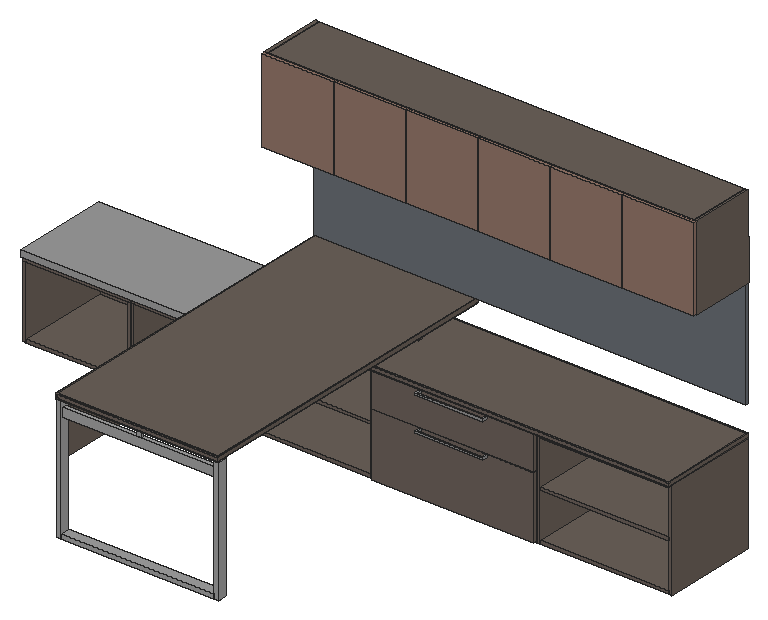
Revit family "T100312", category Furniture, Revit 2015 (continued)
Definition of nested family "STAKS LOW HEIGHT OPEN SHELF PEDESTAL - NO RISER SUPPORT"
  Dimensions and locks (in)
    aligned and locked: Extrusion 6 sketch curve to plane 17
    aligned and locked: Extrusion 6 sketch curve to plane 27
    aligned and locked: plane 16 to Extrusion 6 sketch curve
    aligned and locked: plane 19 to Extrusion 6 sketch curve
    aligned and locked: Extrusion 2 to plane 6
    aligned and locked: Extrusion 1 to plane 6
    aligned and locked: Extrusion 7 to plane 16
  Automatic sketch dimensions
    level to Extrusion 1 sketch curve = 0"
    Extrusion 1 sketch curve to plane 11 = 0"
    Extrusion 1 sketch curve to plane 3 = 0"
    Extrusion 1 sketch curve to plane 16 = 0"
    level to Extrusion 2 sketch curve = 0"
    Extrusion 2 sketch curve to plane 3 = 0"
    Extrusion 2 sketch curve to plane 17 = 0"
    plane 27 to Extrusion 2 sketch curve = 0"
    plane 12 to Extrusion 3 sketch curve = 0"
    Extrusion 3 sketch curve to plane 18 = 0"
    plane 17 to Extrusion 3 sketch curve = 0"
    Extrusion 4 sketch curve to plane 10 = 0"
    Extrusion 4 sketch curve to plane 16 = 0"
    Extrusion 4 sketch curve to plane 3 = 0"
    Extrusion 4 sketch curve to plane 19 = 0"
    level to Extrusion 5 sketch curve = 0"
    Extrusion 5 sketch curve to plane 16 = 0"
    Extrusion 5 sketch curve to plane 19 = 0"
    Extrusion 5 sketch curve to plane 28 = 0"
    Extrusion 7 sketch curve to plane 9 = 0"
    Extrusion 7 sketch curve to plane 19 = 0"
    Extrusion 7 sketch curve to plane 37 = 11 5/8"
    Extrusion 7 sketch curve to plane 5 = 0"
    Extrusion 6 sketch curve to plane 14 = 0"
    Extrusion 6 sketch curve to plane 16 = 0"
    Extrusion 6 sketch curve to plane 19 = 0"
    Extrusion 6 sketch curve to plane 15 = 0"
    plane 32 to Extrusion 6 sketch curve = 2 5/8"
    plane 34 to Extrusion 6 sketch curve = 2 5/8"
    Extrusion 6 sketch curve to plane 13 = 1"
    Extrusion 6 sketch curve to plane 12 = 1"
Definition of nested family "STAKS SINGLE BENCH HEIGHT PEDESTAL - NO RISER SUPPORT"
  Parameters (values of type "STAKS SINGLE BENCH HEIGHT PEDESTAL - NO RISER SUPPORT 24")
    URL = "http://www.ofs.com/"
    Top Thickness = 1"
    Riser Support = 0"
    Model = "6-N2422SSHC"
    Manufacturer = "OFS"
    Height = 17"
    Drawer Material = none
    Drawer Handle Width = 5 1/4"
    Drawer Handle Material = none
    Description = "OFS STAKS SINGLE BENCH HEIGHT PEDESTAL - NO RISER SUPPORT 24\"W x 22\" D, Single Pedestal, Use with 22\"D Worksurfaces"
    Width = 24"
    Depth = 21 7/8"
    DH2 = 6 1/2"
    DH1 = 10"
    Copyright © = "© 2018 OFS"
    Chasis Material = none
    Catalog = "https://ofs.com/products/casegoods/private-office/staks"
    Board Thickness = 3/4"
    Authoring Version = "Autodesk Revit Architecture 2013"
    Assembly Code = "E2020200"
  Types (3): name | Model | Description | Width
    STAKS SINGLE BENCH HEIGHT PEDESTAL - NO RISER SUPPORT 24 | "6-N2422SSHC" | "OFS STAKS SINGLE BENCH HEIGHT PEDESTAL - NO RISER SUPPORT 24\"W x 22\" D, Single Pedestal, Use with 22\"D Worksurfaces" | 24"
    STAKS SINGLE BENCH HEIGHT PEDESTAL - NO RISER SUPPORT 30 | "6-N3022SSHC" | "OFS STAKS SINGLE BENCH HEIGHT PEDESTAL - NO RISER SUPPORT 30\"W x 22\" D, Single Pedestal, Use with 22\"D Worksurfaces" | 30"
    STAKS SINGLE BENCH HEIGHT PEDESTAL - NO RISER SUPPORT 36 | "6-N3622SSHC" | "OFS STAKS SINGLE BENCH HEIGHT PEDESTAL - NO RISER SUPPORT 36\"W x 22\" D, Single Pedestal, Use with 22\"D Worksurfaces" | 36"
  Reference planes (in)
    plane 1: z = 0
    plane 2 "Right": x = 20.97711
    plane 3: z = 17
    plane 4: z = 10
    plane 5: z = 9.875
    plane 6: z = 0
    plane 7: z = 9.625
    plane 8: z = 16.75
    plane 9: z = 9.156
    plane 10: z = 16
    plane 11: x = 8.97711
    plane 12: y = -1.12465
    plane 13: y = -1.87465
    plane 14: x = 9.03961
    plane 15: x = 32.91411
    plane 16: x = 9.72711
    plane 17: y = 20.00035
    plane 18: x = 32.97711
    plane 19: x = 32.22711
    plane 20: y = -2.68715
    plane 21: y = -2.87465
    plane 22: z = 0.25
    plane 23: y = 19.25035
    plane 24: z = 0.75
    plane 25: y = 16.75035
    plane 26: y = 1.87535
    plane 27: y = 5.87535
    plane 28: y = 12.75035
    plane 29: y = 2.50035
    plane 30: y = 13.37535
    plane 31: x = 21.35211
    plane 32: x = 20.60211
    plane 33: x = 21.00836
    plane 34: x = 20.94586
    plane 35: x = 14.99274
    plane 36: x = 17.61774
    plane 37: x = 12.36774
    plane 38: x = 12.74274
    plane 39: x = 17.24274
    plane 40: x = 26.96124
    plane 41: x = 24.33624
    plane 42: x = 29.58624
    plane 43: x = 29.21124
    plane 44: x = 24.71124
  Forms (in)
    Extrusion 1, solid, material <- "Chasis Material"
      sketch origin (-3, -1.24965, 0) x (1, 0, 0) y (0, 0, 1)
        loop
          line (11.97711, 0) -> (12.72711, 0) -> (12.72711, 16) -> (11.97711, 16) -> (11.97711, 0)
      from -21.25 to -0.125
    Extrusion 2, solid, material <- "Chasis Material"
      sketch origin (19.35211, 31.02324, 0) x (0, 1, 0) y (0, 0, 1)
        loop
          line (-11.77289, 0) -> (-11.02289, 0) -> (-11.02289, 16) -> (-11.77289, 16) -> (-11.77289, 0)
      from -9.625 to 12.875
    Extrusion 3, solid, material <- "Chasis Material"
      sketch origin (0, 0, 0) x (1, 0, 0) y (0, 1, 0)
        loop
          line (32.97711, 20.00035) -> (32.22711, 20.00035) -> (32.22711, -1.12465) -> (32.97711, -1.12465) -> (32.97711, 20.00035)
      from 0 to 16
    Extrusion 4, solid, material <- "Chasis Material"
      sketch origin (-29.79592, -1.62465, 7.24693) x (1, 0, 0) y (0, 0, 1)
        loop
          line (38.77304, 8.75307) -> (62.77304, 8.75307) -> (62.77304, 9.75307) -> (38.77304, 9.75307) -> (38.77304, 8.75307)
      from -21.625 to -0.5
    Extrusion 5, solid, material <- "Chasis Material"
      sketch origin (-31.5409, -1.62465, -42.72261) x (1, 0, 0) y (0, 0, 1)
        loop
          line (41.26801, 42.72261) -> (63.76801, 42.72261) -> (63.76801, 43.47261) -> (41.26801, 43.47261) -> (41.26801, 42.72261)
      from -20.875 to -0.5
  Dimensions and locks (in)
    "Board Thickness": plane 13 to plane 12
    locked: plane 11 to plane 14 at 0.0625
    "Board Thickness": plane 11 to plane 16
    locked: plane 15 to plane 18 at 0.063
    "Width": plane 11 to plane 18
    Extrusion 3 sketch curve to plane 18 = 3/4"
    "Board Thickness": plane 19 to plane 18
    equal spacing: plane 11, plane 2 "Right", plane 18
    plane 21 to plane 20 to plane 13 = 3/16" locked, 13/16" locked
    "Riser Support": plane 6 to level
    "Height": plane 3 to plane 6
    "DH1": plane 4 to plane 6
    locked: plane 22 to plane 6 at 0.25
    "Board Thickness": plane 23 to plane 17
    "Depth": plane 13 to plane 17
    plane 4 to plane 5 to plane 7 to plane 9 = 1/8" locked, 1/4" locked, 0.469" locked
    "Board Thickness": plane 24 to plane 6
    plane 12 to plane 26 to plane 27 = 3" locked, 4" locked
    plane 28 to plane 25 to plane 23 = 4" locked, 2 1/2" locked
    locked: plane 26 to plane 29 at 0.625
    locked: plane 28 to plane 30 at 0.625
    equal spacing: plane 32, plane 2 "Right", plane 31
    "Board Thickness": plane 32 to plane 31
    equal spacing: plane 34, plane 2 "Right", plane 33
    equal spacing: plane 14, plane 35, plane 34
    equal spacing: plane 37, plane 35, plane 36
    "Drawer Handle Width": plane 37 to plane 36
    locked: plane 37 to plane 38 at 0.375
    locked: plane 39 to plane 36 at 0.375
    equal spacing: plane 15, plane 40, plane 33
    equal spacing: plane 42, plane 40, plane 41
    "Drawer Handle Width": plane 42 to plane 41
    locked: plane 42 to plane 43 at 0.375
    locked: plane 44 to plane 41 at 0.375
    "Top Thickness": plane 3 to plane 10
    aligned and locked: level to plane 1
    aligned and locked: plane 12 to Extrusion 1
    aligned and locked: Extrusion 1 to plane 17
    aligned and locked: Extrusion 2 to plane 16
    aligned and locked: plane 16 to Extrusion 1
    aligned and locked: Extrusion 1 to plane 11
    aligned and locked: Extrusion 2 to plane 17
    aligned and locked: plane 19 to Extrusion 2
    aligned and locked: Extrusion 3 to plane 19
    aligned and locked: Extrusion 3 to plane 6
    aligned and locked: plane 3 to Extrusion 4
    aligned and locked: Extrusion 4 to plane 10
    aligned and locked: plane 24 to Extrusion 5
    aligned and locked: Extrusion 5 to plane 6
    aligned and locked: Extrusion 5 to plane 23
    aligned and locked: plane 12 to Extrusion 5
    aligned and locked: plane 19 to Extrusion 5
    aligned and locked: Extrusion 5 to plane 16
    aligned and locked: plane 12 to Extrusion 4
    aligned and locked: Extrusion 2 to plane 6
    aligned and locked: Extrusion 1 to plane 6
    aligned and locked: plane 10 to Extrusion 1
    aligned and locked: plane 10 to Extrusion 2
    aligned and locked: plane 10 to Extrusion 3
    aligned and locked: Extrusion 4 to plane 11
    aligned and locked: plane 18 to Extrusion 4
    aligned and locked: Extrusion 4 to plane 17
  Automatic sketch dimensions
    level to Extrusion 1 sketch curve = 0"
    Extrusion 1 sketch curve to plane 11 = 0"
    Extrusion 1 sketch curve to plane 3 = 1"
    Extrusion 1 sketch curve to plane 16 = 0"
    level to Extrusion 2 sketch curve = 0"
    Extrusion 2 sketch curve to plane 3 = 1"
    Extrusion 2 sketch curve to plane 17 = 0"
    plane 23 to Extrusion 2 sketch curve = 0"
    plane 12 to Extrusion 3 sketch curve = 0"
    Extrusion 3 sketch curve to plane 18 = 0"
    plane 17 to Extrusion 3 sketch curve = 0"
    Extrusion 4 sketch curve to plane 10 = 0"
    Extrusion 4 sketch curve to plane 16 = 3/4"
    Extrusion 4 sketch curve to plane 3 = 0"
    plane 19 to Extrusion 4 sketch curve = 3/4"
    level to Extrusion 5 sketch curve = 0"
    Extrusion 5 sketch curve to plane 16 = 0"
    Extrusion 5 sketch curve to plane 19 = 0"
    Extrusion 5 sketch curve to plane 24 = 0"
Definition of nested family "STAKS RECTANGULAR WORKSURFACES Long Grain"
  Parameters (values of type "STAKS RECTANGULAR WORKSURFACE 15.625 x 22")
    URL = "http://www.ofs.com/"
    Height Above Floor [instance] = 29"
    Height = 1 1/8"
    Depth = 22"
    Model = "6-MCT-15.625/22"
    Manufacturer = "OFS"
    Description = "OFS STAKS 15.625 X 22 RECTANGULAR WORKSURFACE For Worksurface or Low Height Applications, Long Grain"
    Width = 15 5/8"
    Copyright © = "© 2018 OFS"
    Catalog = "https://ofs.com/products/casegoods/private-office/staks"
    Authoring Version = "Autodesk Revit Architecture 2013"
    Assembly Code = "E2020200"
  Types (26): name | Model | Description | Width
    STAKS RECTANGULAR WORKSURFACE 15.625 x 22 | "6-MCT-15.625/22" | "OFS STAKS 15.625 X 22 RECTANGULAR WORKSURFACE For Worksurface or Low Height Applications, Long Grain" | 15 5/8"
    STAKS RECTANGULAR WORKSURFACE 24 x 22 | "6-MCT-24/22" | "OFS STAKS 24 X 22 RECTANGULAR WORKSURFACE For Worksurface or Low Height Applications, Long Grain" | 24"
    STAKS RECTANGULAR WORKSURFACE 30 x 22 | "6-MCT-30/22" | "OFS STAKS 30 X 22 RECTANGULAR WORKSURFACE For Worksurface or Low Height Applications, Long Grain" | 30"
    STAKS RECTANGULAR WORKSURFACE 34 x 22 | "6-MCT-34/22" | "OFS STAKS 34 X 22 RECTANGULAR WORKSURFACE For Worksurface or Low Height Applications, Long Grain" | 34"
    STAKS RECTANGULAR WORKSURFACE 36 x 22 | "6-MCT-36/22" | "OFS STAKS 36 X 22 RECTANGULAR WORKSURFACE For Worksurface or Low Height Applications, Long Grain" | 36"
    STAKS RECTANGULAR WORKSURFACE 42 x 22 | "6-MCT-42/22" | "OFS STAKS 42 X 22 RECTANGULAR WORKSURFACE For Worksurface or Low Height Applications, Long Grain" | 42"
    STAKS RECTANGULAR WORKSURFACE 46 x 22 | "6-MCT-46/22" | "OFS STAKS 46 X 22 RECTANGULAR WORKSURFACE For Worksurface or Low Height Applications, Long Grain" | 46"
    STAKS RECTANGULAR WORKSURFACE 48 x 22 | "6-MCT-48/22" | "OFS STAKS 48 X 22 RECTANGULAR WORKSURFACE For Worksurface or Low Height Applications, Long Grain" | 48"
    STAKS RECTANGULAR WORKSURFACE 48.5 x 22 | "6-MCT-48.5/22" | "OFS STAKS 48.5 X 22 RECTANGULAR WORKSURFACE For Worksurface or Low Height Applications, Long Grain" | 48 1/2"
    STAKS RECTANGULAR WORKSURFACE 54 x 22 | "6-MCT-54/22" | "OFS STAKS 54 X 22 RECTANGULAR WORKSURFACE For Worksurface or Low Height Applications, Long Grain" | 54"
    STAKS RECTANGULAR WORKSURFACE 55.5 x 22 | "6-MCT-55.5/22" | "OFS STAKS 55.5 X 22 RECTANGULAR WORKSURFACE For Worksurface or Low Height Applications, Long Grain" | 55 1/2"
    STAKS RECTANGULAR WORKSURFACE 59 x 22 | "6-MCT-59/22" | "OFS STAKS 59 X 22 RECTANGULAR WORKSURFACE For Worksurface or Low Height Applications, Long Grain" | 59"
    STAKS RECTANGULAR WORKSURFACE 60 x 22 | "6-MCT-60/22" | "OFS STAKS 60 X 22 RECTANGULAR WORKSURFACE For Worksurface or Low Height Applications, Long Grain" | 60"
    STAKS RECTANGULAR WORKSURFACE 64 x 22 | "6-MCT-64/22" | "OFS STAKS 64 X 22 RECTANGULAR WORKSURFACE For Worksurface or Low Height Applications, Long Grain" | 64"
    STAKS RECTANGULAR WORKSURFACE 66 x 22 | "6-MCT-66/22" | "OFS STAKS 66 X 22 RECTANGULAR WORKSURFACE For Worksurface or Low Height Applications, Long Grain" | 66"
    STAKS RECTANGULAR WORKSURFACE 69.625 x 22 | "6-MCT-69.625/22" | "OFS STAKS 69.625 X 22 RECTANGULAR WORKSURFACE For Worksurface or Low Height Applications, Long Grain" | 69 5/8"
    STAKS RECTANGULAR WORKSURFACE 70.5 x 22 | "6-MCT-70.5/22" | "OFS STAKS 70.5 X 22 RECTANGULAR WORKSURFACE For Worksurface or Low Height Applications, Long Grain" | 70 1/2"
    STAKS RECTANGULAR WORKSURFACE 72 x 22 | "6-MCT-72/22" | "OFS STAKS 72 X 22 RECTANGULAR WORKSURFACE For Worksurface or Low Height Applications, Long Grain" | 72"
    STAKS RECTANGULAR WORKSURFACE 74 x 22 | "6-MCT-74/22" | "OFS STAKS 74 X 22 RECTANGULAR WORKSURFACE For Worksurface or Low Height Applications, Long Grain" | 74"
    STAKS RECTANGULAR WORKSURFACE 78 x 22 | "6-MCT-78/22" | "OFS STAKS 78 X 22 RECTANGULAR WORKSURFACE For Worksurface or Low Height Applications, Long Grain" | 78"
    STAKS RECTANGULAR WORKSURFACE 82.5 x 22 | "6-MCT-82.5/22" | "OFS STAKS 82.5 X 22 RECTANGULAR WORKSURFACE For Worksurface or Low Height Applications, Long Grain" | 82 1/2"
    STAKS RECTANGULAR WORKSURFACE 84 x 22 | "6-MCT-84/22" | "OFS STAKS 84 X 22 RECTANGULAR WORKSURFACE For Worksurface or Low Height Applications, Long Grain" | 84"
    STAKS RECTANGULAR WORKSURFACE 87.625 x 22 | "6-MCT-87.625/22" | "OFS STAKS 87.625 X 22 RECTANGULAR WORKSURFACE For Worksurface or Low Height Applications, Long Grain" | 87 5/8"
    STAKS RECTANGULAR WORKSURFACE 90 x 22 | "6-MCT-90/22" | "OFS STAKS 90 X 22 RECTANGULAR WORKSURFACE For Worksurface or Low Height Applications, Long Grain" | 90"
    STAKS RECTANGULAR WORKSURFACE 94 x 22 | "6-MCT-94/22" | "OFS STAKS 94 X 22 RECTANGULAR WORKSURFACE For Worksurface or Low Height Applications, Long Grain" | 94"
    STAKS RECTANGULAR WORKSURFACE 96 x 22 | "6-MCT-96/22" | "OFS STAKS 96 X 22 RECTANGULAR WORKSURFACE For Worksurface or Low Height Applications, Long Grain" | 96"
  Reference planes (in)
    plane 1: z = -0.125
    plane 2 "LEFT": x = 7.55498
    plane 3 "RIGHT": x = 23.17998
    plane 4 "BACK": y = -1.83365
    plane 5 "FRONT": y = -23.83365
    plane 6: x = 7.67998
    plane 7: x = 23.05498
    plane 8: y = -1.95865
    plane 9: y = -23.70865
    plane 10: z = 27.75
    plane 11 "SURFACE TOP": z = 28.875
  Forms (in)
    Extrusion 1, solid
      sketch origin (0, 0, 17.125) x (-1, 0, 0) y (0, -1, 0)
        loop
          line (-7.67998, 1.95865) -> (-7.67998, 23.70865) -> (-23.05498, 23.70865) -> (-23.05498, 1.95865) -> (-7.67998, 1.95865)
      from 11.75 to 10.625
    Sweep 2, solid
      path origin (0, 0, 28.875) x (0, 1, 0) y (-1, 0, 0)
        loop
          line (-23.83365, -7.55498) -> (-23.83365, -23.17998) -> (-1.83365, -23.17998) -> (-1.83365, -7.55498) -> (-23.83365, -7.55498)
      profile origin (15.36748, -23.83365, 28.875) x (0, 1, 0) y (0, 0, 1)
        loop
          arc (0.125, 0) -> (0.03661, -0.03661) -> (0, -0.125) r 0.125
          line (0, -0.125) -> (0, -1)
          arc (0, -1) -> (0.03661, -1.08839) -> (0.125, -1.125) r 0.125
          line (0.125, -1.125) -> (0.125, 0)
  Lines and regions (in)
    Masking region 1
      outline origin (0, 0, 16.625) x (-1, 0, 0) y (0, -1, 0)
        loop
          line (-7.67998, 1.95865) -> (-7.55498, 1.83365) -> (-7.55498, 23.83365) -> (-7.67998, 23.70865) -> (-7.67998, 1.95865)
    Masking region 2
      outline origin (0, 0, 16.625) x (-1, 0, 0) y (0, -1, 0)
        loop
          line (-7.55498, 1.83365) -> (-7.67998, 1.95865) -> (-23.05498, 1.95865) -> (-23.17998, 1.83365) -> (-7.55498, 1.83365)
    Masking region 3
      outline origin (0, 0, 16.625) x (-1, 0, 0) y (0, -1, 0)
        loop
          line (-23.17998, 1.83365) -> (-23.05498, 1.95865) -> (-23.05498, 23.70865) -> (-23.17998, 23.83365) -> (-23.17998, 1.83365)
    Masking region 4
      outline origin (0, 0, 16.625) x (-1, 0, 0) y (0, -1, 0)
        loop
          line (-23.17998, 23.83365) -> (-23.05498, 23.70865) -> (-7.67998, 23.70865) -> (-7.55498, 23.83365) -> (-23.17998, 23.83365)
    Masking region 5
      outline origin (0, 0, 16.625) x (-1, 0, 0) y (0, -1, 0)
        loop
          line (-23.05498, 23.70865) -> (-23.05498, 1.95865) -> (-7.67998, 1.95865) -> (-7.67998, 23.70865) -> (-23.05498, 23.70865)
  Dimensions and locks (in)
    "Depth": plane 4 "BACK" to plane 5 "FRONT"
    "Width": plane 2 "LEFT" to plane 3 "RIGHT"
    "Height": plane 11 "SURFACE TOP" to plane 10
    locked: plane 4 "BACK" to plane 8 at 0.125
    locked: plane 2 "LEFT" to plane 6 at 0.125
    locked: plane 7 to plane 3 "RIGHT" at 0.125
    locked: plane 9 to plane 5 "FRONT" at 0.125
    "Height Above Floor": plane 11 "SURFACE TOP" to level
    aligned: level to plane 1
    aligned and locked: plane 8 to Extrusion 1 sketch curve
    aligned and locked: Extrusion 1 sketch curve to plane 6
    aligned and locked: Extrusion 1 sketch curve to plane 9
    aligned and locked: plane 7 to Extrusion 1 sketch curve
    aligned and locked: plane 11 "SURFACE TOP" to Extrusion 1
    aligned and locked: Extrusion 1 to plane 10
    aligned and locked: Sweep 2 sketch curve to plane 5 "FRONT"
    aligned and locked: Sweep 2 sketch curve to plane 2 "LEFT"
    aligned and locked: plane 4 "BACK" to Sweep 2 sketch curve
    aligned and locked: plane 3 "RIGHT" to Sweep 2 sketch curve
  Automatic sketch dimensions
    Masking region 1 sketch curve to plane 6 = 0"
    Masking region 1 sketch curve to plane 2 "LEFT" = 0"
    Masking region 1 sketch curve to plane 4 "BACK" = 0"
    Masking region 1 sketch curve to plane 8 = 0"
    Masking region 1 sketch curve to plane 9 = 0"
    Masking region 1 sketch curve to plane 5 "FRONT" = 0"
    Masking region 2 sketch curve to plane 3 "RIGHT" = 0"
    Masking region 2 sketch curve to plane 7 = 0"
    Masking region 2 sketch curve to plane 6 = 0"
    Masking region 2 sketch curve to plane 2 "LEFT" = 0"
    Masking region 2 sketch curve to plane 4 "BACK" = 0"
    Masking region 2 sketch curve to plane 8 = 0"
    Masking region 3 sketch curve to plane 3 "RIGHT" = 0"
    Masking region 3 sketch curve to plane 7 = 0"
    Masking region 3 sketch curve to plane 4 "BACK" = 0"
    Masking region 3 sketch curve to plane 8 = 0"
    Masking region 3 sketch curve to plane 9 = 0"
    Masking region 3 sketch curve to plane 5 "FRONT" = 0"
    Masking region 4 sketch curve to plane 3 "RIGHT" = 0"
    Masking region 4 sketch curve to plane 7 = 0"
    Masking region 4 sketch curve to plane 6 = 0"
    Masking region 4 sketch curve to plane 2 "LEFT" = 0"
    Masking region 4 sketch curve to plane 9 = 0"
    Masking region 4 sketch curve to plane 5 "FRONT" = 0"
    Masking region 5 sketch curve to plane 7 = 0"
    Masking region 5 sketch curve to plane 6 = 0"
    Masking region 5 sketch curve to plane 8 = 0"
    Masking region 5 sketch curve to plane 9 = 0"
    Sweep 2 sketch curve to profile plane = 0"
    Sweep 2 sketch curve to plane 11 "SURFACE TOP" = 0"
    Sweep 2 sketch curve to profile plane = 1/8"
    Sweep 2 sketch curve to Sweep 2 sketch curve = 7/8"
Definition of nested family "STAKS BENCHING RECTANGULAR WORKSURFACES"
  Parameters (values of type "STAKS BENCHING RECTANGULAR WORKSURFACE 48 X 22")
    URL = "https://www.ofs.com/"
    SURFACE DEPTH = 22"
    Model = "6-MCT-48/22"
    Manufacturer = "OFS"
    Description = "OFS STAKS BENCHING 48 X 22 RECTANGULAR WORKSURFACE"
    SURFACE WIDTH = 48"
    Copyright © = "© 2018 OFS"
    Catalog = "https://ofs.com/products/open-plan/benching/staks"
    Authoring Version = "Autodesk Revit Architecture 2013"
    Assembly Code = "E2020200"
  Types (21): name | SURFACE DEPTH | Model | Description | SURFACE WIDTH
    STAKS BENCHING RECTANGULAR WORKSURFACE 48 X 22 | 22" | "6-MCT-48/22" | "OFS STAKS BENCHING 48 X 22 RECTANGULAR WORKSURFACE" | 48"
    STAKS BENCHING RECTANGULAR WORKSURFACE 60 X 22 | 22" | "6-MCT-60/22" | "OFS STAKS BENCHING 60 X 22 RECTANGULAR WORKSURFACE" | 60"
    STAKS BENCHING RECTANGULAR WORKSURFACE 72 X 22 | 22" | "6-MCT-72/22" | "OFS STAKS BENCHING 72 X 22 RECTANGULAR WORKSURFACE" | 72"
    STAKS BENCHING RECTANGULAR WORKSURFACE 60 X 36 | 36" | "6-MCT-60/36" | "OFS STAKS BENCHING 60 X 36 RECTANGULAR WORKSURFACE" | 60"
    STAKS BENCHING RECTANGULAR WORKSURFACE 72 X 36 | 36" | "6-MCT-72/36" | "OFS STAKS BENCHING 72 X 36 RECTANGULAR WORKSURFACE" | 72"
    STAKS BENCHING RECTANGULAR WORKSURFACE 60 X 30 | 30" | "6-MCT-60/30" | "OFS STAKS BENCHING 60 X 30 RECTANGULAR WORKSURFACE" | 60"
    STAKS BENCHING RECTANGULAR WORKSURFACE 72 X 30 | 30" | "6-MCT-72/30" | "OFS STAKS BENCHING 72 X 30 RECTANGULAR WORKSURFACE" | 72"
    STAKS BENCHING RECTANGULAR WORKSURFACE 48 X 30 | 30" | "6-MCT-48/30" | "OFS STAKS BENCHING 48 X 30 RECTANGULAR WORKSURFACE" | 48"
    STAKS BENCHING RECTANGULAR WORKSURFACE 48 X 36 | 36" | "6-MCT-48/36" | "OFS STAKS BENCHING 48 X 36 RECTANGULAR WORKSURFACE" | 48"
    STAKS BENCHING RECTANGULAR WORKSURFACE 54 X 22 | 22" | "6-MCT-54/22" | "OFS STAKS BENCHING 54 X 22 RECTANGULAR WORKSURFACE" | 54"
    STAKS BENCHING RECTANGULAR WORKSURFACE 66 X 22 | 22" | "6-MCT-66/22" | "OFS STAKS BENCHING 66 X 22 RECTANGULAR WORKSURFACE" | 66"
    STAKS BENCHING RECTANGULAR WORKSURFACE 78 X 22 | 22" | "6-MCT-78/22" | "OFS STAKS BENCHING 78 X 22 RECTANGULAR WORKSURFACE" | 78"
    STAKS BENCHING RECTANGULAR WORKSURFACE 84 X 22 | 22" | "6-MCT-84/22" | "OFS STAKS BENCHING 84 X 22 RECTANGULAR WORKSURFACE" | 84"
    STAKS BENCHING RECTANGULAR WORKSURFACE 54 X 30 | 30" | "6-MCT-54/30" | "OFS STAKS BENCHING 54 X 30 RECTANGULAR WORKSURFACE" | 54"
    STAKS BENCHING RECTANGULAR WORKSURFACE 66 X 30 | 30" | "6-MCT-66/30" | "OFS STAKS BENCHING 66 X 30 RECTANGULAR WORKSURFACE" | 66"
    STAKS BENCHING RECTANGULAR WORKSURFACE 78 X 30 | 30" | "6-MCT-78/30" | "OFS STAKS BENCHING 78 X 30 RECTANGULAR WORKSURFACE" | 78"
    STAKS BENCHING RECTANGULAR WORKSURFACE 84 X 30 | 30" | "6-MCT-84/30" | "OFS STAKS BENCHING 84 X 30 RECTANGULAR WORKSURFACE" | 84"
    STAKS BENCHING RECTANGULAR WORKSURFACE 54 X 36 | 36" | "6-MCT-54/36" | "OFS STAKS BENCHING 54 X 36 RECTANGULAR WORKSURFACE" | 54"
    STAKS BENCHING RECTANGULAR WORKSURFACE 66 X 36 | 36" | "6-MCT-66/36" | "OFS STAKS BENCHING 66 X 36 RECTANGULAR WORKSURFACE" | 66"
    STAKS BENCHING RECTANGULAR WORKSURFACE 78 X 36 | 36" | "6-MCT-78/36" | "OFS STAKS BENCHING 78 X 36 RECTANGULAR WORKSURFACE" | 78"
    STAKS BENCHING RECTANGULAR WORKSURFACE 84 X 36 | 36" | "6-MCT-84/36" | "OFS STAKS BENCHING 84 X 36 RECTANGULAR WORKSURFACE" | 78"
  Reference planes (in)
    plane 1: z = -0.125
    plane 2 "LEFT": x = 7.55498
    plane 3 "RIGHT": x = 55.55498
    plane 4 "BACK": y = -1.83365
    plane 5 "FRONT": y = -23.83365
    plane 6: x = 7.67998
    plane 7: x = 55.42998
    plane 8: y = -1.95865
    plane 9: y = -23.70865
    plane 10: z = 27.75
    plane 11 "SURFACE TOP": z = 28.875
  Forms (in)
    Extrusion 1, solid
      sketch origin (0, 0, 17.125) x (-1, 0, 0) y (0, -1, 0)
        loop
          line (-7.67998, 1.95865) -> (-7.67998, 23.70865) -> (-55.42998, 23.70865) -> (-55.42998, 1.95865) -> (-7.67998, 1.95865)
      from 11.75 to 10.625
    Sweep 2, solid
      path origin (0, 0, 28.875) x (0, 1, 0) y (-1, 0, 0)
        loop
          line (-23.83365, -7.55498) -> (-23.83365, -55.55498) -> (-1.83365, -55.55498) -> (-1.83365, -7.55498) -> (-23.83365, -7.55498)
      profile origin (31.55498, -23.83365, 28.875) x (0, 1, 0) y (0, 0, 1)
        loop
          arc (0.125, 0) -> (0.03661, -0.03661) -> (0, -0.125) r 0.125
          line (0, -0.125) -> (0, -1)
          arc (0, -1) -> (0.03661, -1.08839) -> (0.125, -1.125) r 0.125
          line (0.125, -1.125) -> (0.125, 0)
  Lines and regions (in)
    Masking region 1
      outline origin (0, 0, 16.625) x (-1, 0, 0) y (0, -1, 0)
        loop
          line (-7.67998, 1.95865) -> (-7.55498, 1.83365) -> (-7.55498, 23.83365) -> (-7.67998, 23.70865) -> (-7.67998, 1.95865)
    Masking region 2
      outline origin (0, 0, 16.625) x (-1, 0, 0) y (0, -1, 0)
        loop
          line (-7.55498, 1.83365) -> (-7.67998, 1.95865) -> (-55.42998, 1.95865) -> (-55.55498, 1.83365) -> (-7.55498, 1.83365)
    Masking region 3
      outline origin (0, 0, 16.625) x (-1, 0, 0) y (0, -1, 0)
        loop
          line (-55.55498, 1.83365) -> (-55.42998, 1.95865) -> (-55.42998, 23.70865) -> (-55.55498, 23.83365) -> (-55.55498, 1.83365)
    Masking region 4
      outline origin (0, 0, 16.625) x (-1, 0, 0) y (0, -1, 0)
        loop
          line (-55.55498, 23.83365) -> (-55.42998, 23.70865) -> (-7.67998, 23.70865) -> (-7.55498, 23.83365) -> (-55.55498, 23.83365)
    Masking region 5
      outline origin (0, 0, 16.625) x (-1, 0, 0) y (0, -1, 0)
        loop
          line (-55.42998, 23.70865) -> (-55.42998, 1.95865) -> (-7.67998, 1.95865) -> (-7.67998, 23.70865) -> (-55.42998, 23.70865)
  Dimensions and locks (in)
    "SURFACE DEPTH": plane 4 "BACK" to plane 5 "FRONT"
    "SURFACE WIDTH": plane 2 "LEFT" to plane 3 "RIGHT"
    locked: plane 11 "SURFACE TOP" to plane 10 at 1.125
    locked: plane 4 "BACK" to plane 8 at 0.125
    locked: plane 2 "LEFT" to plane 6 at 0.125
    locked: plane 7 to plane 3 "RIGHT" at 0.125
    locked: plane 9 to plane 5 "FRONT" at 0.125
    aligned: level to plane 1
    aligned and locked: plane 8 to Extrusion 1 sketch curve
    aligned and locked: Extrusion 1 sketch curve to plane 6
    aligned and locked: Extrusion 1 sketch curve to plane 9
    aligned and locked: plane 7 to Extrusion 1 sketch curve
    aligned and locked: plane 11 "SURFACE TOP" to Extrusion 1
    aligned and locked: Extrusion 1 to plane 10
    aligned and locked: Sweep 2 sketch curve to plane 5 "FRONT"
    aligned and locked: Sweep 2 sketch curve to plane 2 "LEFT"
    aligned and locked: plane 4 "BACK" to Sweep 2 sketch curve
    aligned and locked: plane 3 "RIGHT" to Sweep 2 sketch curve
  Automatic sketch dimensions
    Masking region 1 sketch curve to plane 6 = 0"
    Masking region 1 sketch curve to plane 2 "LEFT" = 0"
    Masking region 1 sketch curve to plane 4 "BACK" = 0"
    Masking region 1 sketch curve to plane 8 = 0"
    Masking region 1 sketch curve to plane 9 = 0"
    Masking region 1 sketch curve to plane 5 "FRONT" = 0"
    Masking region 2 sketch curve to plane 3 "RIGHT" = 0"
    Masking region 2 sketch curve to plane 7 = 0"
    Masking region 2 sketch curve to plane 6 = 0"
    Masking region 2 sketch curve to plane 2 "LEFT" = 0"
    Masking region 2 sketch curve to plane 4 "BACK" = 0"
    Masking region 2 sketch curve to plane 8 = 0"
    Masking region 3 sketch curve to plane 3 "RIGHT" = 0"
    Masking region 3 sketch curve to plane 7 = 0"
    Masking region 3 sketch curve to plane 4 "BACK" = 0"
    Masking region 3 sketch curve to plane 8 = 0"
    Masking region 3 sketch curve to plane 9 = 0"
    Masking region 3 sketch curve to plane 5 "FRONT" = 0"
    Masking region 4 sketch curve to plane 3 "RIGHT" = 0"
    Masking region 4 sketch curve to plane 7 = 0"
    Masking region 4 sketch curve to plane 6 = 0"
    Masking region 4 sketch curve to plane 2 "LEFT" = 0"
    Masking region 4 sketch curve to plane 9 = 0"
    Masking region 4 sketch curve to plane 5 "FRONT" = 0"
    Masking region 5 sketch curve to plane 7 = 0"
    Masking region 5 sketch curve to plane 6 = 0"
    Masking region 5 sketch curve to plane 8 = 0"
    Masking region 5 sketch curve to plane 9 = 0"
    Sweep 2 sketch curve to profile plane = 0"
    Sweep 2 sketch curve to plane 11 "SURFACE TOP" = 0"
    Sweep 2 sketch curve to profile plane = 1/8"
    Sweep 2 sketch curve to Sweep 2 sketch curve = 7/8"
Definition of nested family "STAKS WALLMOUNT ORGANIZER WITH DOORS Six Doors"
  Parameters (values of type "STAKS WALLMOUNT ORGANIZER WITH DOORS Six Doors 100in W")
    URL = "http://www.ofs.com/"
    Top Board Thickness = 1 1/16"
    Height Above Floor [instance] = 71 1/2"
    Height = 18 1/2"
    Front Doors Material = none
    Back Material = none
    Depth = 15"
    Model = "6-10019HDW6"
    Manufacturer = "OFS"
    Description = "OFS STAKS WALLMOUNT ORGANIZER WITH DOORS Six Hinged Doors 100\" Width, for use with U Units Comprised of 36\"W Desk, 42\"W Bridge and 22\"W Credenza or 30\"W Desk, 48\"W Bridge and 22\"W Credenza"
    Width = 100"
    Copyright © = "© 2018 OFS"
    Catalog = "https://ofs.com/products/casegoods/private-office/staks"
    Board Material = none
    Board Thickness = 3/4"
    Authoring Version = "Autodesk Revit Architecture 2013"
    Assembly Code = "E2020200"
    2D Symbol Lines [instance] = yes
  Types (5): name | Model | Description | Width
    STAKS WALLMOUNT ORGANIZER WITH DOORS Six Doors 90in W | "6-9019HDW6" | "OFS STAKS WALLMOUNT ORGANIZER WITH DOORS Six Hinged Doors 90\" Width, for use with 90\"W Modular Worksurface" | 90"
    STAKS WALLMOUNT ORGANIZER WITH DOORS Six Doors 94in W | "6-9419HDW6" | "OFS STAKS WALLMOUNT ORGANIZER WITH DOORS Six Hinged Doors 94\" Width, for use with U Units Comprised of 30\"W Desk, 42\"W Bridge and 22\"W Credenza" | 94"
    STAKS WALLMOUNT ORGANIZER WITH DOORS Six Doors 96in W | "6-9619HDW6" | "OFS STAKS WALLMOUNT ORGANIZER WITH DOORS Six Hinged Doors 96\" Width, for use with 96\"W Modular Worksurface" | 96"
    STAKS WALLMOUNT ORGANIZER WITH DOORS Six Doors 100in W | "6-10019HDW6" | "OFS STAKS WALLMOUNT ORGANIZER WITH DOORS Six Hinged Doors 100\" Width, for use with U Units Comprised of 36\"W Desk, 42\"W Bridge and 22\"W Credenza or 30\"W Desk, 48\"W Bridge and 22\"W Credenza" | 100"
    STAKS WALLMOUNT ORGANIZER WITH DOORS Six Doors 106in W | "6-10619HDW6" | "OFS STAKS WALLMOUNT ORGANIZER WITH DOORS Six Hinged Doors 106\" Width, for use with U Units Comprised of 36\"W Desk, 48\"W Bridge and 22\"W Credenza" | 106"
  Reference planes (in)
    plane 1: z = -0.125
    plane 2 "LEFT": x = -22.94502
    plane 3 "RIGHT": x = 77.05498
    plane 4 "BACK": y = -1.83365
    plane 5 "FRONT": y = -15.33365
    plane 6: x = -22.19502
    plane 7: x = 76.30498
    plane 8: z = 52.875
    plane 9 "SURFACE TOP": z = 71.375
    plane 10: x = 27.05498
    plane 11: z = 70.3125
    plane 12: y = -8.58365
    plane 13: y = -8.20865
    plane 14: y = -8.95865
    plane 15: x = 27.42998
    plane 16: x = 26.67998
    plane 17: y = -1.08365
    plane 18: y = -16.08365
    plane 19: x = 76.99248
    plane 20: x = -22.88252
    plane 21: x = 27.08623
    plane 22: x = 27.02373
    plane 23: z = 54.125
    plane 24: z = 54.875
    plane 25: y = -1.58365
    plane 26: y = -2.33365
    plane 27: y = -13.83365
    plane 28: y = -14.58365
    plane 29: x = -6.27835
    plane 30: x = -6.3096
    plane 31: x = -6.2471
    plane 32: x = 10.38831
    plane 33: x = 10.35706
    plane 34: x = 10.41956
    plane 35: x = 60.38831
    plane 36: x = 60.41956
    plane 37: x = 60.35706
    plane 38: x = 43.72165
    plane 39: x = 43.7529
    plane 40: x = 43.6904
  Forms (in)
    Extrusion 1, solid, material <- "Board Material"
      sketch origin (0, 0, 71.375) x (0, 1, 0) y (-1, 0, 0)
        loop
          line (-2.33365, 22.19502) -> (-15.33365, 22.19502) -> (-15.33365, -76.30498) -> (-2.33365, -76.30498) -> (-2.33365, 22.19502)
      from -16.5 to -17.25
    Extrusion 2, solid, material <- "Board Material"
      sketch origin (0, 0, 71.375) x (0, 1, 0) y (-1, 0, 0)
        loop
          line (-1.08365, 22.19502) -> (-1.08365, 22.94502) -> (-15.33365, 22.94502) -> (-15.33365, 22.19502) -> (-1.08365, 22.19502)
        loop
          line (-1.08365, -77.05498) -> (-1.08365, -76.30498) -> (-15.33365, -76.30498) -> (-15.33365, -77.05498) -> (-1.08365, -77.05498)
      from 0 to -18.5
    Extrusion 3, solid, material <- "Board Material"
      sketch origin (0, 0, 27.375) x (0, 1, 0) y (-1, 0, 0)
        loop
          line (-1.08365, 22.19502) -> (-15.33365, 22.19502) -> (-15.33365, -76.30498) -> (-1.08365, -76.30498) -> (-1.08365, 22.19502)
      from 44 to 42.9375
    Extrusion 4, solid, material <- "Back Material"
      sketch origin (30.99601, 21.63396, 71.375) x (0, 1, 0) y (-1, 0, 0)
        loop
          line (-23.21762, 53.19103) -> (-23.96762, 53.19103) -> (-23.96762, -45.30897) -> (-23.21762, -45.30897) -> (-23.21762, 53.19103)
      from -1.0625 to -18.5
    Extrusion 5, solid, material <- "Front Doors Material"
      sketch origin (15.4691, -10.89295, 71.375) x (0, 1, 0) y (-1, 0, 0)
        loop
          line (-4.4407, -11.61714) -> (-5.1907, -11.61714) -> (-5.1907, -28.2213) -> (-4.4407, -28.2213) -> (-4.4407, -11.61714)
      from 0 to -18.5
    Extrusion 6, solid, material <- "Front Doors Material"
      sketch origin (38.64087, -10.89295, 71.375) x (0, 1, 0) y (-1, 0, 0)
        loop
          line (-4.4407, 44.95047) -> (-4.4407, 61.52339) -> (-5.1907, 61.52339) -> (-5.1907, 44.95047) -> (-4.4407, 44.95047)
      from 0 to -18.5
    Extrusion 7, solid, material <- "Board Material"
      sketch origin (0, -9.75, 71.375) x (0, 1, 0) y (-1, 0, 0)
        loop
          line (-4.08365, 22.19502) -> (-4.83365, 22.19502) -> (-4.83365, -76.30498) -> (-4.08365, -76.30498) -> (-4.08365, 22.19502)
      from -17.25 to -18.5
    Extrusion 8, solid, material <- "Front Doors Material"
      sketch origin (38.64087, -10.89295, 71.375) x (0, 1, 0) y (-1, 0, 0)
        loop
          line (-4.4407, 11.61714) -> (-4.4407, 28.2213) -> (-5.1907, 28.2213) -> (-5.1907, 11.61714) -> (-4.4407, 11.61714)
      from 0 to -18.5
    Extrusion 9, solid, material <- "Front Doors Material"
      sketch origin (15.4691, -10.89295, 71.375) x (0, 1, 0) y (-1, 0, 0)
        loop
          line (-4.4407, -44.95047) -> (-5.1907, -44.95047) -> (-5.1907, -61.52339) -> (-4.4407, -61.52339) -> (-4.4407, -44.95047)
      from 0 to -18.5
    Extrusion 10, solid, material <- "Front Doors Material"
      sketch origin (2.4691, -10.89295, 71.375) x (0, 1, 0) y (-1, 0, 0)
        loop
          line (-4.4407, -41.2838) -> (-5.1907, -41.2838) -> (-5.1907, -57.88797) -> (-4.4407, -57.88797) -> (-4.4407, -41.2838)
      from 0 to -18.5
    Extrusion 11, solid, material <- "Front Doors Material"
      sketch origin (46.54237, -12.14442, 71.375) x (0, 1, 0) y (-1, 0, 0)
        loop
          line (-3.18923, 36.18531) -> (-3.18923, 52.78948) -> (-3.93923, 52.78948) -> (-3.93923, 36.18531) -> (-3.18923, 36.18531)
      from 0 to -18.5
  Lines and regions (in)
    symbolic lines
      curve 1: arc (-6.3096, -16.08365, 71.375) -> (-6.4279, -18.06025, 71.375) -> (-6.78109, -20.00863, 71.375) r 16.57292
      curve 2: line (-6.78109, -20.00863, 71.375) -> (-22.88252, -16.08365, 71.375)
      curve 3: arc (-6.2471, -16.08365, 71.375) -> (-6.12878, -17.99969, 71.375) -> (-5.77562, -19.88661, 71.375) r 15.57292
      curve 4: line (-5.77562, -19.88661, 71.375) -> (9.32581, -16.08365, 71.375)
      curve 5: arc (27.08623, -16.08365, 71.375) -> (27.20455, -17.99969, 71.375) -> (27.55772, -19.88661, 71.375) r 15.57292
      curve 6: line (27.55772, -19.88661, 71.375) -> (42.65915, -16.08365, 71.375)
      curve 7: arc (27.02373, -16.08365, 71.375) -> (26.90541, -17.99969, 71.375) -> (26.55225, -19.88661, 71.375) r 15.57292
      curve 8: line (26.55225, -19.88661, 71.375) -> (11.45081, -16.08365, 71.375)
      curve 9: arc (60.35706, -16.08365, 71.375) -> (60.23874, -17.99969, 71.375) -> (59.88558, -19.88661, 71.375) r 15.57292
      curve 10: line (59.88558, -19.88661, 71.375) -> (44.78415, -16.08365, 71.375)
      curve 11: arc (60.44804, -16.08365, 71.375) -> (60.55916, -17.99799, 71.375) -> (60.89105, -19.88661, 71.375) r 16.54444
      curve 12: line (60.89105, -19.88661, 71.375) -> (76.99248, -16.08365, 71.375)
  Dimensions and locks (in)
    "Width": plane 2 "LEFT" to plane 3 "RIGHT"
    "Height": plane 9 "SURFACE TOP" to plane 8
    "Board Thickness": plane 2 "LEFT" to plane 6
    "Board Thickness": plane 7 to plane 3 "RIGHT"
    "Height Above Floor": plane 9 "SURFACE TOP" to level
    "Top Board Thickness": plane 9 "SURFACE TOP" to plane 11
    equal spacing: plane 4 "BACK", plane 12, plane 5 "FRONT"
    equal spacing: plane 13, plane 12, plane 14
    "Board Thickness": plane 13 to plane 14
    equal spacing: plane 16, plane 10, plane 15
    "Board Thickness": plane 16 to plane 15
    "Depth": plane 17 to plane 18
    "Board Thickness": plane 17 to plane 4 "BACK"
    "Board Thickness": plane 5 "FRONT" to plane 18
    locked: plane 19 to plane 3 "RIGHT" at 0.0625
    locked: plane 2 "LEFT" to plane 20 at 0.0625
    plane 22 to plane 10 to plane 21 = 1/32" locked, 1/32" locked
    locked: plane 23 to plane 8 at 1.25
    "Board Thickness": plane 24 to plane 23
    locked: plane 17 to plane 25 at 0.5
    "Board Thickness": plane 25 to plane 26
    locked: plane 28 to plane 5 "FRONT" at 0.75
    "Board Thickness": plane 27 to plane 28
    plane 31 to plane 29 to plane 30 = 1/32" locked, 1/32" locked
    plane 34 to plane 32 to plane 33 = 1/32" locked, 1/32" locked
    plane 37 to plane 35 to plane 36 = 1/32" locked, 1/32" locked
    plane 40 to plane 38 to plane 39 = 1/32" locked, 1/32" locked
    equal spacing: plane 2 "LEFT", plane 10, plane 3 "RIGHT"
    equal spacing: plane 2 "LEFT", plane 29, plane 32, plane 10
    equal spacing: plane 10, plane 38, plane 35, plane 3 "RIGHT"
    aligned: level to plane 1
    aligned and locked: plane 6 to Extrusion 1 sketch curve
    aligned and locked: Extrusion 1 sketch curve to plane 5 "FRONT"
    aligned and locked: Extrusion 1 sketch curve to plane 7
    aligned and locked: Extrusion 2 sketch curve to plane 5 "FRONT"
    aligned and locked: Extrusion 2 sketch curve to plane 2 "LEFT"
    aligned and locked: plane 3 "RIGHT" to Extrusion 2 sketch curve
    aligned and locked: Extrusion 3 to plane 9 "SURFACE TOP"
    aligned and locked: Extrusion 3 to plane 11
    aligned and locked: Extrusion 3 to plane 5 "FRONT"
    aligned and locked: Extrusion 3 to plane 6
    aligned and locked: plane 7 to Extrusion 3
    aligned and locked: Extrusion 4 to plane 8
    aligned and locked: plane 9 "SURFACE TOP" to Extrusion 5
    aligned and locked: Extrusion 5 to plane 8
    aligned and locked: plane 5 "FRONT" to Extrusion 5
    aligned and locked: Extrusion 5 to plane 18
    aligned and locked: Extrusion 5 to plane 21
    aligned and locked: plane 5 "FRONT" to Extrusion 6
    aligned and locked: Extrusion 6 to plane 18
    aligned and locked: Extrusion 6 to plane 8
    aligned and locked: plane 17 to Extrusion 3
    aligned and locked: plane 17 to Extrusion 2
    aligned and locked: Extrusion 4 to plane 6
    aligned and locked: plane 7 to Extrusion 4
    aligned and locked: Extrusion 4 to plane 11
    aligned and locked: plane 25 to Extrusion 4
    aligned and locked: Extrusion 4 to plane 26
    aligned and locked: plane 26 to Extrusion 1
    aligned and locked: Extrusion 7 to plane 8
    aligned and locked: plane 23 to Extrusion 7
    aligned and locked: plane 28 to Extrusion 7
    aligned and locked: Extrusion 7 to plane 27
    aligned and locked: Extrusion 7 to plane 6
    aligned and locked: plane 7 to Extrusion 7
    aligned and locked: Extrusion 2 to plane 8
    aligned and locked: Extrusion 1 to plane 23
    aligned and locked: plane 24 to Extrusion 1
    aligned and locked: Extrusion 6 to plane 20
    aligned and locked: plane 19 to Extrusion 9
    aligned and locked: plane 18 to Extrusion 9
    aligned and locked: Extrusion 9 to plane 5 "FRONT"
    aligned and locked: Extrusion 8 to plane 22
    aligned and locked: Extrusion 8 to plane 18
    aligned and locked: plane 5 "FRONT" to Extrusion 8
    aligned and locked: Extrusion 8 to plane 8
    aligned and locked: plane 9 "SURFACE TOP" to Extrusion 8
    aligned and locked: Extrusion 9 to plane 9 "SURFACE TOP"
    aligned and locked: plane 8 to Extrusion 9
    aligned and locked: Extrusion 6 to plane 30
    aligned and locked: Extrusion 8 to plane 34
    aligned and locked: Extrusion 5 to plane 40
    aligned and locked: Extrusion 9 to plane 36
    aligned and locked: Extrusion 10 to plane 39
    aligned and locked: Extrusion 10 to plane 37
    aligned and locked: Extrusion 10 to plane 18
    aligned and locked: Extrusion 10 to plane 5 "FRONT"
    aligned and locked: plane 5 "FRONT" to Extrusion 11
    aligned and locked: Extrusion 11 to plane 18
    aligned and locked: Extrusion 11 to plane 33
    aligned and locked: Extrusion 11 to plane 31
    aligned and locked: Extrusion 10 to plane 8
    aligned and locked: Extrusion 10 to plane 9 "SURFACE TOP"
    aligned and locked: plane 9 "SURFACE TOP" to Extrusion 11
    aligned and locked: Extrusion 11 to plane 8
    aligned and locked: Extrusion 6 to curve 1
    aligned and locked: curve 2 to Extrusion 6
  Automatic sketch dimensions
    Extrusion 1 sketch curve to plane 26 = 0"
    plane 5 "FRONT" to Extrusion 2 sketch curve = 0"
    Extrusion 2 sketch curve to plane 7 = 0"
    plane 17 to Extrusion 2 sketch curve = 0"
    Extrusion 2 sketch curve to plane 6 = 0"
    Extrusion 2 sketch curve to plane 17 = 0"
    Extrusion 3 sketch curve to plane 5 "FRONT" = 0"
    Extrusion 3 sketch curve to plane 6 = 0"
    Extrusion 3 sketch curve to plane 17 = 0"
    Extrusion 3 sketch curve to plane 7 = 0"
    Extrusion 4 sketch curve to plane 6 = 0"
    Extrusion 4 sketch curve to plane 26 = 0"
    Extrusion 4 sketch curve to plane 25 = 0"
    Extrusion 4 sketch curve to plane 7 = 0"
    Extrusion 5 sketch curve to plane 18 = 0"
    Extrusion 5 sketch curve to plane 5 "FRONT" = 0"
    Extrusion 5 sketch curve to plane 40 = 0"
    Extrusion 5 sketch curve to plane 21 = 0"
    plane 36 to curve 12 = 0.47148"
    curve 12 to plane 18 = 3.80295"
    plane 37 to curve 10 = 0.47148"
    curve 5 to plane 18 = 0"
    curve 4 to plane 18 = 0"
    curve 7 to plane 18 = 0"
    curve 3 to plane 18 = 0"
    curve 8 to plane 18 = 0"
    curve 9 to plane 18 = 0"
    curve 10 to plane 18 = 0"
    plane 18 to curve 11 = 0"
    curve 6 to plane 18 = 0"
    plane 18 to curve 12 = 0"
    curve 11 to plane 19 = 0"
    curve 12 to plane 19 = 0"
    curve 9 to plane 37 = 0"
    curve 5 to plane 21 = 0"
    curve 7 to plane 22 = 0"
    curve 3 to plane 31 = 0"
    curve 1 to plane 30 = 0"
    curve 1 to plane 20 = 0"
    curve 2 to plane 20 = 0"
    curve 10 to curve 11 = 0"
    plane 31 to curve 4 = 0.47148"
    curve 4 to curve 3 = 3.80295"
    plane 30 to curve 2 = 0.47148"
    plane 16 to curve 8 = 0.12773"
    curve 8 to curve 7 = 3.80295"
    plane 15 to curve 6 = 0.12773"
    curve 7 to curve 6 = 0"
    curve 10 to curve 9 = 0"
    curve 6 to curve 5 = 0"
    curve 8 to curve 7 = 0"
    curve 4 to curve 3 = 0"
    Extrusion 6 sketch curve to plane 18 = 0"
    Extrusion 6 sketch curve to plane 5 "FRONT" = 0"
    Extrusion 6 sketch curve to plane 20 = 0"
    Extrusion 6 sketch curve to plane 30 = 0"
    Extrusion 7 sketch curve to plane 6 = 0"
    Extrusion 7 sketch curve to plane 28 = 0"
    Extrusion 7 sketch curve to plane 27 = 0"
    Extrusion 7 sketch curve to plane 7 = 0"
    Extrusion 8 sketch curve to plane 18 = 0"
    Extrusion 8 sketch curve to plane 5 "FRONT" = 0"
    Extrusion 8 sketch curve to plane 34 = 0"
    Extrusion 8 sketch curve to plane 22 = 0"
    plane 18 to Extrusion 9 sketch curve = 0"
    plane 5 "FRONT" to Extrusion 9 sketch curve = 0"
    Extrusion 9 sketch curve to plane 19 = 0"
    Extrusion 9 sketch curve to plane 36 = 0"
    Extrusion 10 sketch curve to plane 18 = 0"
    Extrusion 10 sketch curve to plane 5 "FRONT" = 0"
    Extrusion 10 sketch curve to plane 37 = 0"
    Extrusion 10 sketch curve to plane 39 = 0"
    Extrusion 11 sketch curve to plane 18 = 0"
    Extrusion 11 sketch curve to plane 5 "FRONT" = 0"
    Extrusion 11 sketch curve to plane 31 = 0"
    Extrusion 11 sketch curve to plane 33 = 0"
Definition of nested family "STAKS LOW OR BENCH HEIGHT CUSHIONS"
  Parameters (values of type "STAKS LOW OR BENCH HEIGHT CUSHION - DOUBLE 48")
    URL = "http://www.ofs.com/"
    Cushion Thickness = 1 1/2"
    Cushion Material = none
    Model = "6-4822SC"
    Manufacturer = "OFS"
    Height = 20 1/4"
    Description = "OFS STAKS LOW OR BENCH HEIGHT CUSHION - DOUBLE 48"
    Width = 48"
    Depth = 21 7/8"
    Copyright © = "© 2018 OFS"
    Catalog = "https://ofs.com/products/casegoods/private-office/staks"
    Authoring Version = "Autodesk Revit Architecture 2013"
    Assembly Code = "E2020200"
  Types (7): name | Model | Description | Width
    STAKS LOW OR BENCH HEIGHT CUSHION - SINGLE 24 | "6-2422SC" | "OFS STAKS LOW OR BENCH HEIGHT CUSHION - SINGLE 24" | 24"
    STAKS LOW OR BENCH HEIGHT CUSHION - SINGLE 30 | "6-3022SC" | "OFS STAKS LOW OR BENCH HEIGHT CUSHION - SINGLE 30" | 30"
    STAKS LOW OR BENCH HEIGHT CUSHION - SINGLE 36 | "6-3622SC" | "OFS STAKS LOW OR BENCH HEIGHT CUSHION - SINGLE 36" | 36"
    STAKS LOW OR BENCH HEIGHT CUSHION - DOUBLE 60 | "6-6022SC" | "OFS STAKS LOW OR BENCH HEIGHT CUSHION - DOUBLE 60" | 60"
    STAKS LOW OR BENCH HEIGHT CUSHION - DOUBLE 48 | "6-4822SC" | "OFS STAKS LOW OR BENCH HEIGHT CUSHION - DOUBLE 48" | 48"
    STAKS LOW OR BENCH HEIGHT CUSHION - DOUBLE 72 | "6-7222SC" | "OFS STAKS LOW OR BENCH HEIGHT CUSHION - DOUBLE 72" | 72"
    STAKS LOW OR BENCH HEIGHT CUSHION - TRIPLE 90 | "6-9022SC" | "OFS STAKS LOW OR BENCH HEIGHT CUSHION - TRIPLE 90" | 90"
  Reference planes (in)
    plane 1: z = 0
    plane 2 "Right": x = 20.97711
    plane 3: x = -3.02289
    plane 4: y = -1.12465
    plane 5: y = -1.87465
    plane 6: y = 20.00035
    plane 7: x = 44.97711
    plane 8: y = -2.68715
    plane 9: y = -2.87465
    plane 10: y = 19.25035
    plane 11: z = 20.25
    plane 12: z = 21.75
  Forms (in)
    Extrusion 1, solid, material <- "Cushion Material"
      sketch origin (-25.91712, 0.87535, -18.36336) x (1, 0, 0) y (0, 0, 1)
        loop
          line (22.89423, 38.61336) -> (70.89423, 38.61336) -> (70.89423, 40.11336) -> (22.89423, 40.11336) -> (22.89423, 38.61336)
      from -19.125 to 2.75
  Dimensions and locks (in)
    locked: plane 5 to plane 4 at 0.75
    "Width": plane 3 to plane 7
    equal spacing: plane 3, plane 2 "Right", plane 7
    plane 9 to plane 8 to plane 5 = 3/16" locked, 13/16" locked
    locked: plane 10 to plane 6 at 0.75
    "Depth": plane 5 to plane 6
    "Cushion Thickness": plane 12 to plane 11
    "Height": plane 11 to level
    aligned and locked: level to plane 1
    aligned and locked: Extrusion 1 to plane 11
    aligned and locked: plane 12 to Extrusion 1
    aligned and locked: Extrusion 1 to plane 6
    aligned and locked: Extrusion 1 to plane 3
    aligned and locked: plane 7 to Extrusion 1
    aligned and locked: plane 5 to Extrusion 1
  Automatic sketch dimensions
    Extrusion 1 sketch curve to plane 3 = 0"
    Extrusion 1 sketch curve to plane 7 = 0"
    Extrusion 1 sketch curve to plane 11 = 0"
    Extrusion 1 sketch curve to plane 12 = 0"
Definition of nested family "STAKS SUPPORT O LEG"
  Parameters (values of type "STAKS SUPPORT O LEG 36")
    URL = "http://www.ofs.com/"
    Width = 36"
    PANEL INSERT = no
    Model = "6-36OB1"
    Manufacturer = "OFS"
    Description = "OFS STAKS SUPPORT O LEG 36\" Width, Use with 36\"D Worksurface (set of two)"
    Copyright © = "© 2018 OFS"
    Catalog = "https://ofs.com/products/casegoods/private-office/staks"
    Authoring Version = "Autodesk Revit Architecture 2013"
    Assembly Code = "E2020200"
  Types (6): name | Width | PANEL INSERT | Model | Description
    STAKS SUPPORT O LEG 22 | 22" | no | "6-22OB2" | "OFS STAKS SUPPORT O LEG 22\" Width, Use with 22\"D Worksurface (set of two)"
    STAKS SUPPORT O LEG 30 | 30" | no | "6-30OB2" | "OFS STAKS SUPPORT O LEG 30\" Width, Use with 30\"D Worksurface (set of two)"
    STAKS SUPPORT O LEG 36 | 36" | no | "6-36OB1" | "OFS STAKS SUPPORT O LEG 36\" Width, Use with 36\"D Worksurface (set of two)"
    STAKS SUPPORT WITH PANEL INSERT O LEG 22 | 22" | yes | "6-22OBP2" | "OFS STAKS SUPPORT WITH PANEL INSERT O LEG 22\" Width, Use with 22\"D Worksurface (set of two)"
    STAKS SUPPORT WITH PANEL INSERT O LEG 30 | 30" | yes | "6-30OBP2" | "OFS STAKS SUPPORT WITH PANEL INSERT O LEG 30\" Width, Use with 30\"D Worksurface (set of two)"
    STAKS SUPPORT WITH PANEL INSERT O LEG 36 | 36" | yes | "6-36OBP1" | "OFS STAKS SUPPORT WITH PANEL INSERT O LEG 36\" Width, Use with 36\"D Worksurface (single base)"
  Reference planes (in)
    plane 1: z = 0
    plane 2 "Center (Front/Back)": y = -2.62465
    plane 3 "Center (Left/Right)": x = -17.5
    plane 4 "H LEG TOP": z = 27.875
    plane 5: x = -15.5
    plane 6: x = -13.5
    plane 7: y = -20.62465
    plane 8: y = 15.37535
    plane 9: z = 27.681
    plane 10: y = 14.37535
    plane 11: y = -19.62465
    plane 12: z = 26.306
    plane 13: z = 24.306
    plane 14 "CENTER": x = -16.5
    plane 15: z = 25.556
    plane 16: z = 0.25
    plane 17: y = -20.12465
    plane 18: y = 14.87535
    plane 19: y = -18.56165
    plane 20: y = 13.31235
  Forms (in)
    Extrusion 1, solid
      sketch origin (0, 0, 27.875) x (0, -1, 0) y (1, 0, 0)
        loop
          line (-15.37535, -15.5) -> (-15.37535, -17.5) -> (20.62465, -17.5) -> (20.62465, -15.5) -> (19.47015, -13.5) -> (-14.22085, -13.5) -> (-15.37535, -15.5)
      from -0.194 to 0
    Extrusion 2, solid
      sketch origin (0, 0, 27.875) x (0, -1, 0) y (1, 0, 0)
        loop
          line (-14.37535, -15.5) -> (-15.37535, -15.5) -> (-15.37535, -17.5) -> (-14.37535, -17.5) -> (-14.37535, -15.5)
      from -27.625 to -0.194
    Extrusion 3, solid
      sketch origin (0, 0, 27.875) x (0, -1, 0) y (1, 0, 0)
        loop
          line (19.62465, -17.5) -> (20.62465, -17.5) -> (20.62465, -15.5) -> (19.62465, -15.5) -> (19.62465, -17.5)
      from -27.625 to -0.194
    Extrusion 4, solid
      sketch origin (0.186, -1.24965, 0.5) x (1, 0, 0) y (0, 0, 1)
        loop
          line (-16.5, 25.806) -> (-17.5, 25.806) -> (-17.5, 23.806) -> (-16.5, 23.806) -> (-16.5, 25.806)
      from -15.625 to 18.375
    Revolve 5, solid
      sketch origin (-16.5, 0, 0) x (0, 1, 0) y (0, 0, 1)
        loop
          line (-20.12465, 0.25) -> (-20.37465, 0.25)
          arc (-20.37465, 0.25) -> (-20.49965, 0.125) -> (-20.37465, 0) r 0.125
          line (-20.37465, 0) -> (-20.12465, 0) -> (-20.12465, 0.25)
        axis (-20.12465, 0.25) -> (-20.12465, 0)
      angle from 0 to 360
    Revolve 6, solid
      sketch origin (-16.5, -5.2493, 0) x (0, -1, 0) y (0, 0, 1)
        loop
          line (-20.12465, 0.25) -> (-20.37465, 0.25)
          arc (-20.37465, 0.25) -> (-20.49965, 0.125) -> (-20.37465, 0) r 0.125
          line (-20.37465, 0) -> (-20.12465, 0) -> (-20.12465, 0.25)
        axis (-20.12465, 0.25) -> (-20.12465, 0)
      angle from 0 to 360
    Extrusion 7, solid
      sketch origin (0, 0, 27.875) x (0, -1, 0) y (1, 0, 0)
        loop
          line (3.21465, -16.6565) -> (2.03465, -16.6565) -> (2.03465, -16.9715) -> (3.21465, -16.9715) -> (3.21465, -16.6565)
      from -1.569 to -0.194
    Extrusion 8, solid
      sketch origin (0, -2.62465, 0) x (1, 0, 0) y (0, 0, 1)
        loop
          line (-15.5, 27.601) -> (-15.21046, 26.95067)
          arc (-15.21046, 26.95067) -> (-15.12453, 26.89491) -> (-15.03867, 26.95076) r 0.094
          line (-15.03867, 26.95076) -> (-14.75, 27.601) -> (-14.125, 27.601) -> (-14.125, 27.681) -> (-14.80201, 27.681) -> (-15.12453, 26.95451) -> (-15.44799, 27.681) -> (-16.125, 27.681) -> (-16.125, 27.601) -> (-15.5, 27.601)
      from -15.937 to 15.937
    Extrusion 9, solid
      sketch origin (8.306, -1.24965, 17.75) x (0, 0, 1) y (-1, 0, 0)
        loop
          line (-16.5, 25.806) -> (-17.5, 25.806) -> (-17.5, 23.806) -> (-16.5, 23.806) -> (-16.5, 25.806)
      from -15.625 to 18.375
    Extrusion 10, solid, visible <- "PANEL INSERT"
      sketch origin (-33, -1.24965, 0) x (-1, 0, 0) y (0, 0, -1)
        loop
          line (-15.75, -24.306) -> (-15.75, -1.25) -> (-16.5, -1.25) -> (-16.5, -24.306) -> (-15.75, -24.306)
      from -15.625 to 18.375
  Lines and regions (in)
    Masking region 1
      outline origin (0, 0, 27.875) x (0, -1, 0) y (1, 0, 0)
        loop
          line (20.62465, -15.5) -> (19.47015, -13.5) -> (-14.22085, -13.5) -> (-15.37535, -15.5) -> (-15.37535, -17.5) -> (20.62465, -17.5) -> (20.62465, -15.5)
    Masking region 2
      outline origin (0, 0, 27.875) x (0, -1, 0) y (1, 0, 0)
        loop
          line (-14.37535, -15.5) -> (-15.37535, -15.5) -> (-15.37535, -17.5) -> (-14.37535, -17.5) -> (-14.37535, -15.5)
    Masking region 3
      outline origin (0, 0, 27.875) x (0, -1, 0) y (1, 0, 0)
        loop
          line (20.62465, -15.5) -> (19.62465, -15.5) -> (19.62465, -17.5) -> (20.62465, -17.5) -> (20.62465, -15.5)
  Dimensions and locks (in)
    plane 3 "Center (Left/Right)" to plane 5 to plane 6 = 2" locked, 2" locked
    equal spacing: plane 7, plane 2 "Center (Front/Back)", plane 8
    "Width": plane 7 to plane 8
    locked: plane 4 "H LEG TOP" to plane 9 at 0.194
    locked: plane 9 to plane 12 at 1.375
    locked: plane 12 to plane 13 at 2
    locked: plane 9 to plane 15 at 2.125
    locked: plane 4 "H LEG TOP" to plane 1 at 27.875
    locked: plane 16 to plane 1 at 0.25
    plane 7 to plane 17 to plane 11 to plane 19 = 1/2" locked, 1/2" locked, 1.063" locked
    plane 20 to plane 10 to plane 18 to plane 8 = 1.063" locked, 1/2" locked, 1/2" locked
    aligned and locked: level to plane 1
    aligned and locked: plane 9 to Extrusion 1
    aligned and locked: Extrusion 1 to plane 4 "H LEG TOP"
    aligned and locked: Extrusion 1 to plane 8
    aligned and locked: plane 7 to Extrusion 1
    aligned and locked: Extrusion 1 sketch curve to plane 3 "Center (Left/Right)"
    aligned and locked: Extrusion 1 sketch curve to plane 8
    aligned and locked: Extrusion 1 sketch curve to plane 6
    aligned and locked: plane 7 to Extrusion 1 sketch curve
    aligned: Extrusion 3 to plane 1
    aligned and locked: Extrusion 3 to plane 9
    aligned and locked: Extrusion 2 to plane 9
    aligned: Extrusion 2 to plane 1
    aligned and locked: Extrusion 2 sketch curve to plane 8
    aligned and locked: plane 5 to Extrusion 2 sketch curve
    aligned and locked: Extrusion 2 sketch curve to plane 3 "Center (Left/Right)"
    aligned and locked: plane 10 to Extrusion 2 sketch curve
    aligned and locked: plane 7 to Extrusion 3 sketch curve
    aligned and locked: plane 5 to Extrusion 3 sketch curve
    aligned and locked: Extrusion 3 sketch curve to plane 11
    aligned and locked: Extrusion 3 sketch curve to plane 3 "Center (Left/Right)"
    aligned and locked: Extrusion 4 sketch curve to plane 12
    aligned and locked: plane 13 to Extrusion 4 sketch curve
    aligned: Extrusion 4 sketch curve to plane 3 "Center (Left/Right)"
    aligned: plane 14 "CENTER" to Extrusion 4 sketch curve
    aligned and locked: Extrusion 4 to plane 10
